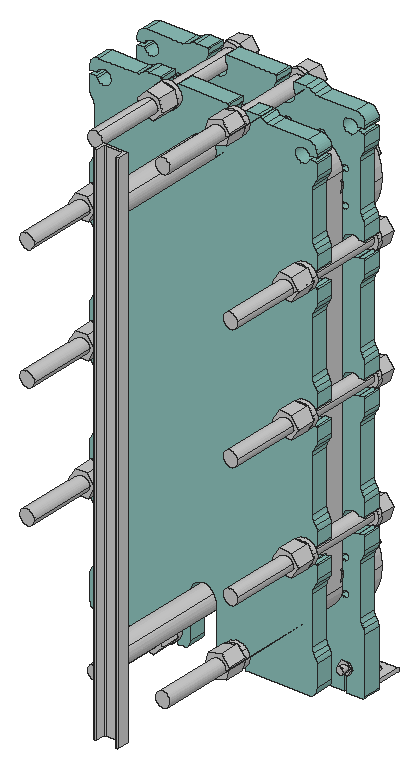
Revit family "MIT 522 - Heat Exchanger", category Specialty Equipment, Revit 2022
Family settings
  Round Connector Dimension = Use Diameter
  Part Type = Normal
  Work Plane-Based = No
  Always vertical = No
  Cut with Voids When Loaded = No
  Maintain Annotation Orientation = No
  Shared = No
  Room Calculation Point = No
Parameters (values of type "Flanged")
  URL = "https://en.ekinendustriyel.com/plate-heat-exchanger"
  Type Comments = ""
  Thickness_of_Plate = 0.50 mm  # constant formula
  Number_of_Plate [instance] = 20
  Model = if(Hygienic, if(Design Pressure < 11.0 bar, "H12340000F100L", if(Design Pressure < 16.0 bar, " H12340000F100M", " H12340000F100H")), if(Design Pressure < 10.0 bar, "E12340000F100L", if(Design Pressure < 16.0 bar, " E12340000F100M", " E12340000F100H")))  # " H12340000F100M"
  Material = Galvanized Steel- S235JR
  Manufacturer = "Ekin Endüstriyel"
  Lk [instance] = (Number_of_Plate) * ((Thickness_of_Plate) + 3.90 mm)  # 88.00 mm
  Lh [instance] = 1090.00 mm  # constant formula
  Lf [instance] = 1035.00 mm  # constant formula
  Lc [instance] = if(Number_of_Plate < 26, 350.00 mm, if(Number_of_Plate < 46, 500.00 mm, if(Number_of_Plate < 71, 750.00 mm, if(Number_of_Plate < 101, 1000.00 mm, if(Number_of_Plate < 131, 1250.00 mm, if(Number_of_Plate < 171, 1500.00 mm, if(Number_of_Plate < 211, 1750.00 mm, 2000.00 mm)))))))  # 350.00 mm
  La [instance] = 470.00 mm  # constant formula
  Keynote = ""
  Industrial = not(Hygienic)  # no
  Hygienic = yes
  Head & Follower Plate [instance] = if(Design Pressure < 11.0 bar, 25.00 mm, if(Design Pressure < 17.0 bar, 35.00 mm, 45.00 mm))  # 35.00 mm
  Follower Plate [instance] = -(Head & Follower Plate)  # -35.00 mm
  Design Pressure = 15 bar
  Description = if(Design Pressure < 11.0 bar, "MIT - Heat Exchanger - 10 bar", if(Design Pressure < 16.0 bar, " MIT - Heat Exchanger - 16 bar", " MIT - Heat Exchanger - 25 bar"))  # " MIT - Heat Exchanger - 16 bar"
  Default Elevation = 0.00 mm
Reference planes
  plane 1 "Center (Front/Back)": y = 0
  plane 2: z = 0
  plane 3 "Center (Left/Right)": x = 0
  plane 4: x = 1160
  plane 5: x = -1000
  plane 6 "2": y = -123
  plane 7 "1": y = -35
  plane 8 "3": y = -385
  plane 9 "Bolt End": y = 18.7
  plane 10: y = -350
  plane 11 "12": z = 933
Forms (mm)
  Extrusion 1, solid, material "Galvanized Steel", detail levels fine
    sketch origin (4.063, 0, 0) x (1, 0, 0) y (0, 0, 1)
      loop
        line (82.957, 1088) -> (82.957, 1078.933)
        arc (82.957, 1078.933) -> (83.045, 1078.344) -> (83.303, 1077.808) r 2
        arc (83.303, 1077.808) -> (65.937, 1045) -> (48.571, 1077.808) r 21
        arc (48.571, 1077.808) -> (48.829, 1078.344) -> (48.917, 1078.933) r 2
        line (48.917, 1078.933) -> (48.917, 1088)
        arc (48.917, 1088) -> (48.332, 1089.414) -> (46.917, 1090) r 2
        line (46.917, 1090) -> (-55.043, 1090)
        arc (-55.043, 1090) -> (-56.458, 1089.414) -> (-57.043, 1088) r 2
        line (-57.043, 1088) -> (-57.043, 1078.933)
        arc (-57.043, 1078.933) -> (-56.955, 1078.344) -> (-56.697, 1077.808) r 2
        arc (-56.697, 1077.808) -> (-74.063, 1045) -> (-91.429, 1077.808) r 21
        arc (-91.429, 1077.808) -> (-91.171, 1078.344) -> (-91.083, 1078.933) r 2
        line (-91.083, 1078.933) -> (-91.083, 1088)
        arc (-91.083, 1088) -> (-91.668, 1089.414) -> (-93.083, 1090) r 2
        line (-93.083, 1090) -> (-116.204, 1090)
        arc (-116.204, 1090) -> (-121.38, 1089.319) -> (-126.204, 1087.321) r 20
        line (-126.204, 1087.321) -> (-134.243, 1082.679)
        arc (-134.243, 1082.679) -> (-139.066, 1080.681) -> (-144.243, 1080) r 20
        line (-144.243, 1080) -> (-219.063, 1080)
        arc (-219.063, 1080) -> (-233.205, 1074.142) -> (-239.063, 1060) r 20
        line (-239.063, 1060) -> (-239.063, 1055)
        arc (-239.063, 1055) -> (-238.477, 1053.586) -> (-237.063, 1053) r 2
        line (-237.063, 1053) -> (-224.969, 1053)
        arc (-224.969, 1053) -> (-223.831, 1053.355) -> (-223.098, 1054.294) r 2
        arc (-223.098, 1054.294) -> (-194.063, 1049) -> (-223.098, 1043.706) r 15
        arc (-223.098, 1043.706) -> (-223.831, 1044.645) -> (-224.969, 1045) r 2
        line (-224.969, 1045) -> (-237.063, 1045)
        arc (-237.063, 1045) -> (-238.477, 1044.414) -> (-239.063, 1043) r 2
        line (-239.063, 1043) -> (-239.063, 1019.179)
        arc (-239.063, 1019.179) -> (-238.382, 1014.003) -> (-236.384, 1009.179) r 20
        line (-236.384, 1009.179) -> (-231.743, 1001.141)
        arc (-231.743, 1001.141) -> (-229.745, 996.317) -> (-229.063, 991.141) r 20
        line (-229.063, 991.141) -> (-229.063, 901.859)
        arc (-229.063, 901.859) -> (-229.745, 896.683) -> (-231.743, 891.859) r 20
        line (-231.743, 891.859) -> (-236.384, 883.821)
        arc (-236.384, 883.821) -> (-238.382, 878.997) -> (-239.063, 873.821) r 20
        line (-239.063, 873.821) -> (-239.063, 847.25)
        arc (-239.063, 847.25) -> (-238.477, 845.836) -> (-237.063, 845.25) r 2
        line (-237.063, 845.25) -> (-228.061, 845.25)
        arc (-228.061, 845.25) -> (-227.418, 845.356) -> (-226.844, 845.663) r 2
        arc (-226.844, 845.663) -> (-193.063, 829) -> (-226.844, 812.337) r 21
        arc (-226.844, 812.337) -> (-227.418, 812.644) -> (-228.061, 812.75) r 2
        line (-228.061, 812.75) -> (-237.063, 812.75)
        arc (-237.063, 812.75) -> (-238.477, 812.164) -> (-239.063, 810.75) r 2
        line (-239.063, 810.75) -> (-239.063, 784.179)
        arc (-239.063, 784.179) -> (-238.382, 779.003) -> (-236.384, 774.179) r 20
        line (-236.384, 774.179) -> (-231.743, 766.141)
        arc (-231.743, 766.141) -> (-229.745, 761.317) -> (-229.063, 756.141) r 20
        line (-229.063, 756.141) -> (-229.063, 646.859)
        arc (-229.063, 646.859) -> (-229.745, 641.683) -> (-231.743, 636.859) r 20
        line (-231.743, 636.859) -> (-236.384, 628.821)
        arc (-236.384, 628.821) -> (-238.382, 623.997) -> (-239.063, 618.821) r 20
        line (-239.063, 618.821) -> (-239.063, 592.25)
        arc (-239.063, 592.25) -> (-238.477, 590.836) -> (-237.063, 590.25) r 2
        line (-237.063, 590.25) -> (-228.061, 590.25)
        arc (-228.061, 590.25) -> (-227.418, 590.356) -> (-226.844, 590.663) r 2
        arc (-226.844, 590.663) -> (-193.063, 574) -> (-226.844, 557.337) r 21
        arc (-226.844, 557.337) -> (-227.418, 557.644) -> (-228.061, 557.75) r 2
        line (-228.061, 557.75) -> (-237.063, 557.75)
        arc (-237.063, 557.75) -> (-238.477, 557.164) -> (-239.063, 555.75) r 2
        line (-239.063, 555.75) -> (-239.063, 529.179)
        arc (-239.063, 529.179) -> (-238.382, 524.003) -> (-236.384, 519.179) r 20
        line (-236.384, 519.179) -> (-231.743, 511.141)
        arc (-231.743, 511.141) -> (-229.745, 506.317) -> (-229.063, 501.141) r 20
        line (-229.063, 501.141) -> (-229.063, 391.859)
        arc (-229.063, 391.859) -> (-229.745, 386.683) -> (-231.743, 381.859) r 20
        line (-231.743, 381.859) -> (-236.384, 373.821)
        arc (-236.384, 373.821) -> (-238.382, 368.997) -> (-239.063, 363.821) r 20
        line (-239.063, 363.821) -> (-239.063, 337.25)
        arc (-239.063, 337.25) -> (-238.477, 335.836) -> (-237.063, 335.25) r 2
        line (-237.063, 335.25) -> (-228.061, 335.25)
        arc (-228.061, 335.25) -> (-227.418, 335.356) -> (-226.844, 335.663) r 2
        arc (-226.844, 335.663) -> (-193.063, 319) -> (-226.844, 302.337) r 21
        arc (-226.844, 302.337) -> (-227.418, 302.644) -> (-228.061, 302.75) r 2
        line (-228.061, 302.75) -> (-237.063, 302.75)
        arc (-237.063, 302.75) -> (-238.477, 302.164) -> (-239.063, 300.75) r 2
        line (-239.063, 300.75) -> (-239.063, 274.179)
        arc (-239.063, 274.179) -> (-238.382, 269.003) -> (-236.384, 264.179) r 20
        line (-236.384, 264.179) -> (-231.743, 256.141)
        arc (-231.743, 256.141) -> (-229.745, 251.317) -> (-229.063, 246.141) r 20
        line (-229.063, 246.141) -> (-229.063, 146.859)
        arc (-229.063, 146.859) -> (-229.745, 141.683) -> (-231.743, 136.859) r 20
        line (-231.743, 136.859) -> (-236.384, 128.821)
        arc (-236.384, 128.821) -> (-238.382, 123.997) -> (-239.063, 118.821) r 20
        line (-239.063, 118.821) -> (-239.063, 5)
        arc (-239.063, 5) -> (-237.599, 1.464) -> (-234.063, 0) r 5
        line (-234.063, 0) -> (-202.063, 0) -> (-202.063, 34.417)
        arc (-202.063, 34.417) -> (-199.063, 56) -> (-196.063, 34.417) r 11
        line (-196.063, 34.417) -> (-196.063, 0) -> (-164.063, 0)
        arc (-164.063, 0) -> (-160.527, 1.464) -> (-159.063, 5) r 5
        line (-159.063, 5) -> (-159.063, 19.216)
        arc (-159.063, 19.216) -> (-157.541, 26.869) -> (-153.205, 33.358) r 20
        line (-153.205, 33.358) -> (-137.421, 49.142)
        arc (-137.421, 49.142) -> (-130.932, 53.478) -> (-123.279, 55) r 20
        line (-123.279, 55) -> (-92.313, 55)
        arc (-92.313, 55) -> (-90.899, 55.586) -> (-90.313, 57) r 2
        line (-90.313, 57) -> (-90.313, 66.002)
        arc (-90.313, 66.002) -> (-90.419, 66.645) -> (-90.726, 67.219) r 2
        arc (-90.726, 67.219) -> (-74.063, 101) -> (-57.4, 67.219) r 21
        arc (-57.4, 67.219) -> (-57.707, 66.645) -> (-57.813, 66.002) r 2
        line (-57.813, 66.002) -> (-57.813, 57)
        arc (-57.813, 57) -> (-57.227, 55.586) -> (-55.813, 55) r 2
        line (-55.813, 55) -> (47.687, 55)
        arc (47.687, 55) -> (49.101, 55.586) -> (49.687, 57) r 2
        line (49.687, 57) -> (49.687, 66.002)
        arc (49.687, 66.002) -> (49.581, 66.645) -> (49.274, 67.219) r 2
        arc (49.274, 67.219) -> (65.937, 101) -> (82.6, 67.219) r 21
        arc (82.6, 67.219) -> (82.293, 66.645) -> (82.187, 66.002) r 2
        line (82.187, 66.002) -> (82.187, 57)
        arc (82.187, 57) -> (82.773, 55.586) -> (84.187, 55) r 2
        line (84.187, 55) -> (115.153, 55)
        arc (115.153, 55) -> (122.806, 53.478) -> (129.295, 49.142) r 20
        line (129.295, 49.142) -> (145.079, 33.358)
        arc (145.079, 33.358) -> (149.415, 26.869) -> (150.937, 19.216) r 20
        line (150.937, 19.216) -> (150.937, 5)
        arc (150.937, 5) -> (152.401, 1.464) -> (155.937, 0) r 5
        line (155.937, 0) -> (187.937, 0) -> (187.937, 34.417)
        arc (187.937, 34.417) -> (190.937, 56) -> (193.937, 34.417) r 11
        line (193.937, 34.417) -> (193.937, 0) -> (225.937, 0)
        arc (225.937, 0) -> (229.473, 1.464) -> (230.937, 5) r 5
        line (230.937, 5) -> (230.937, 118.821)
        arc (230.937, 118.821) -> (230.255, 123.997) -> (228.257, 128.821) r 20
        line (228.257, 128.821) -> (223.616, 136.859)
        arc (223.616, 136.859) -> (221.618, 141.683) -> (220.937, 146.859) r 20
        line (220.937, 146.859) -> (220.937, 246.141)
        arc (220.937, 246.141) -> (221.618, 251.317) -> (223.616, 256.141) r 20
        line (223.616, 256.141) -> (228.257, 264.179)
        arc (228.257, 264.179) -> (230.255, 269.003) -> (230.937, 274.179) r 20
        line (230.937, 274.179) -> (230.937, 300.75)
        arc (230.937, 300.75) -> (230.351, 302.164) -> (228.937, 302.75) r 2
        line (228.937, 302.75) -> (219.935, 302.75)
        arc (219.935, 302.75) -> (219.292, 302.644) -> (218.718, 302.337) r 2
        arc (218.718, 302.337) -> (184.937, 319) -> (218.718, 335.663) r 21
        arc (218.718, 335.663) -> (219.292, 335.356) -> (219.935, 335.25) r 2
        line (219.935, 335.25) -> (228.937, 335.25)
        arc (228.937, 335.25) -> (230.351, 335.836) -> (230.937, 337.25) r 2
        line (230.937, 337.25) -> (230.937, 363.821)
        arc (230.937, 363.821) -> (230.255, 368.997) -> (228.257, 373.821) r 20
        line (228.257, 373.821) -> (223.616, 381.859)
        arc (223.616, 381.859) -> (221.618, 386.683) -> (220.937, 391.859) r 20
        line (220.937, 391.859) -> (220.937, 501.141)
        arc (220.937, 501.141) -> (221.618, 506.317) -> (223.616, 511.141) r 20
        line (223.616, 511.141) -> (228.257, 519.179)
        arc (228.257, 519.179) -> (230.255, 524.003) -> (230.937, 529.179) r 20
        line (230.937, 529.179) -> (230.937, 555.75)
        arc (230.937, 555.75) -> (230.351, 557.164) -> (228.937, 557.75) r 2
        line (228.937, 557.75) -> (219.935, 557.75)
        arc (219.935, 557.75) -> (219.292, 557.644) -> (218.718, 557.337) r 2
        arc (218.718, 557.337) -> (184.937, 574) -> (218.718, 590.663) r 21
        arc (218.718, 590.663) -> (219.292, 590.356) -> (219.935, 590.25) r 2
        line (219.935, 590.25) -> (228.937, 590.25)
        arc (228.937, 590.25) -> (230.351, 590.836) -> (230.937, 592.25) r 2
        line (230.937, 592.25) -> (230.937, 618.821)
        arc (230.937, 618.821) -> (230.255, 623.997) -> (228.257, 628.821) r 20
        line (228.257, 628.821) -> (223.616, 636.859)
        arc (223.616, 636.859) -> (221.618, 641.683) -> (220.937, 646.859) r 20
        line (220.937, 646.859) -> (220.937, 756.141)
        arc (220.937, 756.141) -> (221.618, 761.317) -> (223.616, 766.141) r 20
        line (223.616, 766.141) -> (228.257, 774.179)
        arc (228.257, 774.179) -> (230.255, 779.003) -> (230.937, 784.179) r 20
        line (230.937, 784.179) -> (230.937, 810.75)
        arc (230.937, 810.75) -> (230.351, 812.164) -> (228.937, 812.75) r 2
        line (228.937, 812.75) -> (219.935, 812.75)
        arc (219.935, 812.75) -> (219.292, 812.644) -> (218.718, 812.337) r 2
        arc (218.718, 812.337) -> (184.937, 829) -> (218.718, 845.663) r 21
        arc (218.718, 845.663) -> (219.292, 845.356) -> (219.935, 845.25) r 2
        line (219.935, 845.25) -> (228.937, 845.25)
        arc (228.937, 845.25) -> (230.351, 845.836) -> (230.937, 847.25) r 2
        line (230.937, 847.25) -> (230.937, 873.821)
        arc (230.937, 873.821) -> (230.255, 878.997) -> (228.257, 883.821) r 20
        line (228.257, 883.821) -> (223.616, 891.859)
        arc (223.616, 891.859) -> (221.618, 896.683) -> (220.937, 901.859) r 20
        line (220.937, 901.859) -> (220.937, 991.141)
        arc (220.937, 991.141) -> (221.618, 996.317) -> (223.616, 1001.141) r 20
        line (223.616, 1001.141) -> (228.257, 1009.179)
        arc (228.257, 1009.179) -> (230.255, 1014.003) -> (230.937, 1019.179) r 20
        line (230.937, 1019.179) -> (230.937, 1043)
        arc (230.937, 1043) -> (230.351, 1044.414) -> (228.937, 1045) r 2
        line (228.937, 1045) -> (216.843, 1045)
        arc (216.843, 1045) -> (215.705, 1044.645) -> (214.972, 1043.706) r 2
        arc (214.972, 1043.706) -> (185.937, 1049) -> (214.972, 1054.294) r 15
        arc (214.972, 1054.294) -> (215.705, 1053.355) -> (216.843, 1053) r 2
        line (216.843, 1053) -> (228.937, 1053)
        arc (228.937, 1053) -> (230.351, 1053.586) -> (230.937, 1055) r 2
        line (230.937, 1055) -> (230.937, 1060)
        arc (230.937, 1060) -> (225.079, 1074.142) -> (210.937, 1080) r 20
        line (210.937, 1080) -> (136.116, 1080)
        arc (136.116, 1080) -> (130.94, 1080.681) -> (126.116, 1082.679) r 20
        line (126.116, 1082.679) -> (118.078, 1087.321)
        arc (118.078, 1087.321) -> (113.254, 1089.319) -> (108.078, 1090) r 20
        line (108.078, 1090) -> (84.957, 1090)
        arc (84.957, 1090) -> (83.542, 1089.414) -> (82.957, 1088) r 2
      loop
        circle (142.128, 1016.149) r 7
      loop
        circle (190.836, 967.442) r 7
      loop
        circle (190.836, 898.558) r 7
      loop
        circle (142.128, 849.851) r 7
      loop
        circle (73.245, 1016.149) r 7
      loop
        circle (24.538, 967.442) r 7
      loop
        circle (24.538, 898.558) r 7
      loop
        circle (73.245, 849.851) r 7
      loop
        circle (142.128, 298.149) r 7
      loop
        circle (190.836, 249.442) r 7
      loop
        circle (190.836, 180.558) r 7
      loop
        circle (142.128, 131.851) r 7
      loop
        circle (73.245, 298.149) r 7
      loop
        circle (24.538, 249.442) r 7
      loop
        circle (24.538, 180.558) r 7
      loop
        circle (73.245, 131.851) r 7
      loop
        circle (-4.063, 156) r 6.25
      loop
        circle (-4.063, 992) r 6.25
      loop
        circle (-150.255, 1016.149) r 7
      loop
        circle (-198.962, 967.442) r 7
      loop
        circle (-198.962, 898.558) r 7
      loop
        circle (-150.255, 849.851) r 7
      loop
        circle (-81.372, 1016.149) r 7
      loop
        circle (-32.664, 967.442) r 7
      loop
        circle (-32.664, 898.558) r 7
      loop
        circle (-81.372, 849.851) r 7
      loop
        circle (-150.255, 298.149) r 7
      loop
        circle (-198.962, 249.442) r 7
      loop
        circle (-198.962, 180.558) r 7
      loop
        circle (-150.255, 131.851) r 7
      loop
        circle (-81.372, 298.149) r 7
      loop
        circle (-32.664, 249.442) r 7
      loop
        circle (-32.664, 180.558) r 7
      loop
        circle (-81.372, 131.851) r 7
      loop
        circle (107.687, 933) r 50
      loop
        circle (-115.813, 933) r 50
      loop
        circle (107.687, 215) r 50
      loop
        circle (-115.813, 215) r 50
    from 0 to 35
  Extrusion 2, solid, material "Galvanized Steel", detail levels fine
    sketch origin (4.063, -123, 0) x (-1, 0, 0) y (0, 0, 1)
      loop
        line (91.083, 1088) -> (91.083, 1078.933)
        arc (91.083, 1078.933) -> (91.171, 1078.344) -> (91.429, 1077.808) r 2
        arc (91.429, 1077.808) -> (74.063, 1045) -> (56.697, 1077.808) r 21
        arc (56.697, 1077.808) -> (56.955, 1078.344) -> (57.043, 1078.933) r 2
        line (57.043, 1078.933) -> (57.043, 1088)
        arc (57.043, 1088) -> (56.458, 1089.414) -> (55.043, 1090) r 2
        line (55.043, 1090) -> (-46.917, 1090)
        arc (-46.917, 1090) -> (-48.332, 1089.414) -> (-48.917, 1088) r 2
        line (-48.917, 1088) -> (-48.917, 1078.933)
        arc (-48.917, 1078.933) -> (-48.829, 1078.344) -> (-48.571, 1077.808) r 2
        arc (-48.571, 1077.808) -> (-65.937, 1045) -> (-83.303, 1077.808) r 21
        arc (-83.303, 1077.808) -> (-83.045, 1078.344) -> (-82.957, 1078.933) r 2
        line (-82.957, 1078.933) -> (-82.957, 1088)
        arc (-82.957, 1088) -> (-83.542, 1089.414) -> (-84.957, 1090) r 2
        line (-84.957, 1090) -> (-108.078, 1090)
        arc (-108.078, 1090) -> (-113.254, 1089.319) -> (-118.078, 1087.321) r 20
        line (-118.078, 1087.321) -> (-126.116, 1082.679)
        arc (-126.116, 1082.679) -> (-130.94, 1080.681) -> (-136.116, 1080) r 20
        line (-136.116, 1080) -> (-210.937, 1080)
        arc (-210.937, 1080) -> (-225.079, 1074.142) -> (-230.937, 1060) r 20
        line (-230.937, 1060) -> (-230.937, 1055)
        arc (-230.937, 1055) -> (-230.351, 1053.586) -> (-228.937, 1053) r 2
        line (-228.937, 1053) -> (-216.843, 1053)
        arc (-216.843, 1053) -> (-215.705, 1053.355) -> (-214.972, 1054.294) r 2
        arc (-214.972, 1054.294) -> (-185.937, 1049) -> (-214.972, 1043.706) r 15
        arc (-214.972, 1043.706) -> (-215.705, 1044.645) -> (-216.843, 1045) r 2
        line (-216.843, 1045) -> (-228.937, 1045)
        arc (-228.937, 1045) -> (-230.351, 1044.414) -> (-230.937, 1043) r 2
        line (-230.937, 1043) -> (-230.937, 1019.179)
        arc (-230.937, 1019.179) -> (-230.255, 1014.003) -> (-228.257, 1009.179) r 20
        line (-228.257, 1009.179) -> (-223.616, 1001.141)
        arc (-223.616, 1001.141) -> (-221.618, 996.317) -> (-220.937, 991.141) r 20
        line (-220.937, 991.141) -> (-220.937, 901.859)
        arc (-220.937, 901.859) -> (-221.618, 896.683) -> (-223.616, 891.859) r 20
        line (-223.616, 891.859) -> (-228.257, 883.821)
        arc (-228.257, 883.821) -> (-230.255, 878.997) -> (-230.937, 873.821) r 20
        line (-230.937, 873.821) -> (-230.937, 847.25)
        arc (-230.937, 847.25) -> (-230.351, 845.836) -> (-228.937, 845.25) r 2
        line (-228.937, 845.25) -> (-219.935, 845.25)
        arc (-219.935, 845.25) -> (-219.292, 845.356) -> (-218.718, 845.663) r 2
        arc (-218.718, 845.663) -> (-184.937, 829) -> (-218.718, 812.337) r 21
        arc (-218.718, 812.337) -> (-219.292, 812.644) -> (-219.935, 812.75) r 2
        line (-219.935, 812.75) -> (-228.937, 812.75)
        arc (-228.937, 812.75) -> (-230.351, 812.164) -> (-230.937, 810.75) r 2
        line (-230.937, 810.75) -> (-230.937, 784.179)
        arc (-230.937, 784.179) -> (-230.255, 779.003) -> (-228.257, 774.179) r 20
        line (-228.257, 774.179) -> (-223.616, 766.141)
        arc (-223.616, 766.141) -> (-221.618, 761.317) -> (-220.937, 756.141) r 20
        line (-220.937, 756.141) -> (-220.937, 646.859)
        arc (-220.937, 646.859) -> (-221.618, 641.683) -> (-223.616, 636.859) r 20
        line (-223.616, 636.859) -> (-228.257, 628.821)
        arc (-228.257, 628.821) -> (-230.255, 623.997) -> (-230.937, 618.821) r 20
        line (-230.937, 618.821) -> (-230.937, 592.25)
        arc (-230.937, 592.25) -> (-230.351, 590.836) -> (-228.937, 590.25) r 2
        line (-228.937, 590.25) -> (-219.935, 590.25)
        arc (-219.935, 590.25) -> (-219.292, 590.356) -> (-218.718, 590.663) r 2
        arc (-218.718, 590.663) -> (-184.937, 574) -> (-218.718, 557.337) r 21
        arc (-218.718, 557.337) -> (-219.292, 557.644) -> (-219.935, 557.75) r 2
        line (-219.935, 557.75) -> (-228.937, 557.75)
        arc (-228.937, 557.75) -> (-230.351, 557.164) -> (-230.937, 555.75) r 2
        line (-230.937, 555.75) -> (-230.937, 529.179)
        arc (-230.937, 529.179) -> (-230.255, 524.003) -> (-228.257, 519.179) r 20
        line (-228.257, 519.179) -> (-223.616, 511.141)
        arc (-223.616, 511.141) -> (-221.618, 506.317) -> (-220.937, 501.141) r 20
        line (-220.937, 501.141) -> (-220.937, 391.859)
        arc (-220.937, 391.859) -> (-221.618, 386.683) -> (-223.616, 381.859) r 20
        line (-223.616, 381.859) -> (-228.257, 373.821)
        arc (-228.257, 373.821) -> (-230.255, 368.997) -> (-230.937, 363.821) r 20
        line (-230.937, 363.821) -> (-230.937, 337.25)
        arc (-230.937, 337.25) -> (-230.351, 335.836) -> (-228.937, 335.25) r 2
        line (-228.937, 335.25) -> (-219.935, 335.25)
        arc (-219.935, 335.25) -> (-219.292, 335.356) -> (-218.718, 335.663) r 2
        arc (-218.718, 335.663) -> (-184.937, 319) -> (-218.718, 302.337) r 21
        arc (-218.718, 302.337) -> (-219.292, 302.644) -> (-219.935, 302.75) r 2
        line (-219.935, 302.75) -> (-228.937, 302.75)
        arc (-228.937, 302.75) -> (-230.351, 302.164) -> (-230.937, 300.75) r 2
        line (-230.937, 300.75) -> (-230.937, 274.179)
        arc (-230.937, 274.179) -> (-230.255, 269.003) -> (-228.257, 264.179) r 20
        line (-228.257, 264.179) -> (-223.616, 256.141)
        arc (-223.616, 256.141) -> (-221.618, 251.317) -> (-220.937, 246.141) r 20
        line (-220.937, 246.141) -> (-220.937, 146.859)
        arc (-220.937, 146.859) -> (-221.618, 141.683) -> (-223.616, 136.859) r 20
        line (-223.616, 136.859) -> (-228.257, 128.821)
        arc (-228.257, 128.821) -> (-230.255, 123.997) -> (-230.937, 118.821) r 20
        line (-230.937, 118.821) -> (-230.937, 75)
        arc (-230.937, 75) -> (-225.079, 60.858) -> (-210.937, 55) r 20
        line (-210.937, 55) -> (-84.187, 55)
        arc (-84.187, 55) -> (-82.773, 55.586) -> (-82.187, 57) r 2
        line (-82.187, 57) -> (-82.187, 66.002)
        arc (-82.187, 66.002) -> (-82.293, 66.645) -> (-82.6, 67.219) r 2
        arc (-82.6, 67.219) -> (-65.937, 101) -> (-49.274, 67.219) r 21
        arc (-49.274, 67.219) -> (-49.581, 66.645) -> (-49.687, 66.002) r 2
        line (-49.687, 66.002) -> (-49.687, 57)
        arc (-49.687, 57) -> (-49.101, 55.586) -> (-47.687, 55) r 2
        line (-47.687, 55) -> (-37.437, 55)
        arc (-37.437, 55) -> (-26.83, 59.393) -> (-22.437, 70) r 15
        line (-22.437, 70) -> (-22.437, 161)
        arc (-22.437, 161) -> (4.063, 187.5) -> (30.563, 161) r 26.5
        line (30.563, 161) -> (30.563, 70)
        arc (30.563, 70) -> (34.956, 59.393) -> (45.563, 55) r 15
        line (45.563, 55) -> (55.813, 55)
        arc (55.813, 55) -> (57.227, 55.586) -> (57.813, 57) r 2
        line (57.813, 57) -> (57.813, 66.002)
        arc (57.813, 66.002) -> (57.707, 66.645) -> (57.4, 67.219) r 2
        arc (57.4, 67.219) -> (74.063, 101) -> (90.726, 67.219) r 21
        arc (90.726, 67.219) -> (90.419, 66.645) -> (90.313, 66.002) r 2
        line (90.313, 66.002) -> (90.313, 57)
        arc (90.313, 57) -> (90.899, 55.586) -> (92.313, 55) r 2
        line (92.313, 55) -> (219.063, 55)
        arc (219.063, 55) -> (233.205, 60.858) -> (239.063, 75) r 20
        line (239.063, 75) -> (239.063, 118.821)
        arc (239.063, 118.821) -> (238.382, 123.997) -> (236.384, 128.821) r 20
        line (236.384, 128.821) -> (231.743, 136.859)
        arc (231.743, 136.859) -> (229.745, 141.683) -> (229.063, 146.859) r 20
        line (229.063, 146.859) -> (229.063, 246.141)
        arc (229.063, 246.141) -> (229.745, 251.317) -> (231.743, 256.141) r 20
        line (231.743, 256.141) -> (236.384, 264.179)
        arc (236.384, 264.179) -> (238.382, 269.003) -> (239.063, 274.179) r 20
        line (239.063, 274.179) -> (239.063, 300.75)
        arc (239.063, 300.75) -> (238.477, 302.164) -> (237.063, 302.75) r 2
        line (237.063, 302.75) -> (228.061, 302.75)
        arc (228.061, 302.75) -> (227.418, 302.644) -> (226.844, 302.337) r 2
        arc (226.844, 302.337) -> (193.063, 319) -> (226.844, 335.663) r 21
        arc (226.844, 335.663) -> (227.418, 335.356) -> (228.061, 335.25) r 2
        line (228.061, 335.25) -> (237.063, 335.25)
        arc (237.063, 335.25) -> (238.477, 335.836) -> (239.063, 337.25) r 2
        line (239.063, 337.25) -> (239.063, 363.821)
        arc (239.063, 363.821) -> (238.382, 368.997) -> (236.384, 373.821) r 20
        line (236.384, 373.821) -> (231.743, 381.859)
        arc (231.743, 381.859) -> (229.745, 386.683) -> (229.063, 391.859) r 20
        line (229.063, 391.859) -> (229.063, 501.141)
        arc (229.063, 501.141) -> (229.745, 506.317) -> (231.743, 511.141) r 20
        line (231.743, 511.141) -> (236.384, 519.179)
        arc (236.384, 519.179) -> (238.382, 524.003) -> (239.063, 529.179) r 20
        line (239.063, 529.179) -> (239.063, 555.75)
        arc (239.063, 555.75) -> (238.477, 557.164) -> (237.063, 557.75) r 2
        line (237.063, 557.75) -> (228.061, 557.75)
        arc (228.061, 557.75) -> (227.418, 557.644) -> (226.844, 557.337) r 2
        arc (226.844, 557.337) -> (193.063, 574) -> (226.844, 590.663) r 21
        arc (226.844, 590.663) -> (227.418, 590.356) -> (228.061, 590.25) r 2
        line (228.061, 590.25) -> (237.063, 590.25)
        arc (237.063, 590.25) -> (238.477, 590.836) -> (239.063, 592.25) r 2
        line (239.063, 592.25) -> (239.063, 618.821)
        arc (239.063, 618.821) -> (238.382, 623.997) -> (236.384, 628.821) r 20
        line (236.384, 628.821) -> (231.743, 636.859)
        arc (231.743, 636.859) -> (229.745, 641.683) -> (229.063, 646.859) r 20
        line (229.063, 646.859) -> (229.063, 756.141)
        arc (229.063, 756.141) -> (229.745, 761.317) -> (231.743, 766.141) r 20
        line (231.743, 766.141) -> (236.384, 774.179)
        arc (236.384, 774.179) -> (238.382, 779.003) -> (239.063, 784.179) r 20
        line (239.063, 784.179) -> (239.063, 810.75)
        arc (239.063, 810.75) -> (238.477, 812.164) -> (237.063, 812.75) r 2
        line (237.063, 812.75) -> (228.061, 812.75)
        arc (228.061, 812.75) -> (227.418, 812.644) -> (226.844, 812.337) r 2
        arc (226.844, 812.337) -> (193.063, 829) -> (226.844, 845.663) r 21
        arc (226.844, 845.663) -> (227.418, 845.356) -> (228.061, 845.25) r 2
        line (228.061, 845.25) -> (237.063, 845.25)
        arc (237.063, 845.25) -> (238.477, 845.836) -> (239.063, 847.25) r 2
        line (239.063, 847.25) -> (239.063, 873.821)
        arc (239.063, 873.821) -> (238.382, 878.997) -> (236.384, 883.821) r 20
        line (236.384, 883.821) -> (231.743, 891.859)
        arc (231.743, 891.859) -> (229.745, 896.683) -> (229.063, 901.859) r 20
        line (229.063, 901.859) -> (229.063, 991.141)
        arc (229.063, 991.141) -> (229.745, 996.317) -> (231.743, 1001.141) r 20
        line (231.743, 1001.141) -> (236.384, 1009.179)
        arc (236.384, 1009.179) -> (238.382, 1014.003) -> (239.063, 1019.179) r 20
        line (239.063, 1019.179) -> (239.063, 1043)
        arc (239.063, 1043) -> (238.477, 1044.414) -> (237.063, 1045) r 2
        line (237.063, 1045) -> (224.969, 1045)
        arc (224.969, 1045) -> (223.831, 1044.645) -> (223.098, 1043.706) r 2
        arc (223.098, 1043.706) -> (194.063, 1049) -> (223.098, 1054.294) r 15
        arc (223.098, 1054.294) -> (223.831, 1053.355) -> (224.969, 1053) r 2
        line (224.969, 1053) -> (237.063, 1053)
        arc (237.063, 1053) -> (238.477, 1053.586) -> (239.063, 1055) r 2
        line (239.063, 1055) -> (239.063, 1060)
        arc (239.063, 1060) -> (233.205, 1074.142) -> (219.063, 1080) r 20
        line (219.063, 1080) -> (144.243, 1080)
        arc (144.243, 1080) -> (139.066, 1080.681) -> (134.243, 1082.679) r 20
        line (134.243, 1082.679) -> (126.204, 1087.321)
        arc (126.204, 1087.321) -> (121.38, 1089.319) -> (116.204, 1090) r 20
        line (116.204, 1090) -> (93.083, 1090)
        arc (93.083, 1090) -> (91.668, 1089.414) -> (91.083, 1088) r 2
      loop
        circle (4.063, 992) r 25
    from 0 to -35 <- "Follower Plate"
  Extrusion 3, solid, material "AISI 316L/Titanium/Hastelloy", detail levels fine
    sketch origin (0, -35, 0) x (-1, 0, 0) y (0, 0, 1)
      loop
        line (-26.15, 1007.5) -> (-137.5, 1007.5)
        arc (-137.5, 1007.5) -> (-172.855, 992.855) -> (-187.5, 957.5) r 50
        line (-187.5, 957.5) -> (-187.5, 190.5)
        arc (-187.5, 190.5) -> (-172.855, 155.145) -> (-137.5, 140.5) r 50
        line (-137.5, 140.5) -> (-26.15, 140.5) -> (-24.15, 142.5) -> (-24.15, 146.5) -> (-25.15, 148.5) -> (-25.15, 158.35)
        arc (-25.15, 158.35) -> (-20.029, 173.561) -> (-6.75, 182.577) r 25.15
        line (-6.75, 182.577) -> (-6.75, 190.5) -> (6.75, 190.5) -> (6.75, 182.577)
        arc (6.75, 182.577) -> (20.029, 173.561) -> (25.15, 158.35) r 25.15
        line (25.15, 158.35) -> (25.15, 148.5) -> (24.15, 146.5) -> (24.15, 142.5) -> (26.15, 140.5) -> (137.5, 140.5)
        arc (137.5, 140.5) -> (172.855, 155.145) -> (187.5, 190.5) r 50
        line (187.5, 190.5) -> (187.5, 957.5)
        arc (187.5, 957.5) -> (172.855, 992.855) -> (137.5, 1007.5) r 50
        line (137.5, 1007.5) -> (26.15, 1007.5) -> (24.15, 1005.5) -> (24.15, 1001.5) -> (25.15, 999.5) -> (25.15, 989.65)
        arc (25.15, 989.65) -> (20.029, 974.439) -> (6.75, 965.423) r 25.15
        line (6.75, 965.423) -> (6.75, 957.5) -> (-6.75, 957.5) -> (-6.75, 965.423)
        arc (-6.75, 965.423) -> (-20.029, 974.439) -> (-25.15, 989.65) r 25.15
        line (-25.15, 989.65) -> (-25.15, 999.5) -> (-24.15, 1001.5) -> (-24.15, 1005.5) -> (-26.15, 1007.5)
    from 0 to -88
  Extrusion 4, solid, material "Galvanized Steel- S235JR"
    sketch origin (0, 0, 0) x (1, 0, 0) y (0, 0, 1)
      loop
        circle (0, 992) r 25
      loop
        circle (0, 156) r 25
    from 35 to 385
  Extrusion 5, solid, material "Galvanized Steel- S235JR"
    sketch origin (0, 0, 0) x (1, 0, 0) y (0, 0, 1)
      loop
        circle (70, 1066) r 15
      loop
        circle (210, 829) r 15
      loop
        circle (210, 574) r 15
      loop
        circle (210, 319) r 15
      loop
        circle (70, 80) r 15
      loop
        circle (-70, 1066) r 15
      loop
        circle (-210, 829) r 15
      loop
        circle (-210, 574) r 15
      loop
        circle (-210, 319) r 15
      loop
        circle (-70, 80) r 15
    from 0 to 350
  Extrusion 6, solid, material "Galvanized Steel- S235JR", detail levels fine
    sketch origin (0, 0, 0) x (1, 0, 0) y (0, 0, 1)
      loop
        line (201.928, 57) -> (188.072, 57) -> (181.144, 45) -> (188.072, 33) -> (201.928, 33) -> (208.856, 45) -> (201.928, 57)
      loop
        line (-201.928, 57) -> (-208.856, 45) -> (-201.928, 33) -> (-188.072, 33) -> (-181.144, 45) -> (-188.072, 57) -> (-201.928, 57)
    from -10 to -20
  Extrusion 7, solid, material "Galvanized Steel- S235JR", detail levels fine
    sketch origin (0, 0, 0) x (1, 0, 0) y (0, 0, 1)
      loop
        circle (195, 45) r 15
      loop
        circle (-195, 45) r 15
    from -10 to -7.5
  Extrusion 8, solid, material "Galvanized Steel- S235JR", detail levels fine
    sketch origin (0, 0, 0) x (1, 0, 0) y (0, 0, 1)
      loop
        circle (195.004, 45) r 7
      loop
        circle (-195.004, 45) r 7
    from 49.8 to -7.5
  Extrusion 9, solid, material "Galvanized Steel- S235JR", detail levels fine
    sketch origin (0, 0, 0) x (1, 0, 0) y (0, 0, 1)
      loop
        line (201.928, 57) -> (188.072, 57) -> (181.144, 45) -> (188.072, 33) -> (201.928, 33) -> (208.856, 45) -> (201.928, 57)
      loop
        line (-201.928, 57) -> (-208.856, 45) -> (-201.928, 33) -> (-188.072, 33) -> (-181.144, 45) -> (-188.072, 57) -> (-201.928, 57)
    from 37.6 to 25
  Extrusion 10, solid, material "Galvanized Steel- S235JR", detail levels fine
    sketch origin (0, 0, 0) x (1, 0, 0) y (0, 0, 1)
      loop
        circle (194.899, 180.558) r 15
      loop
        circle (146.192, 131.851) r 15
      loop
        circle (194.899, 249.442) r 15
      loop
        circle (146.192, 298.149) r 15
      loop
        circle (28.601, 180.558) r 15
      loop
        circle (77.308, 131.851) r 15
      loop
        circle (28.601, 249.442) r 15
      loop
        circle (77.308, 298.149) r 15
      loop
        circle (-194.899, 180.558) r 15
      loop
        circle (-146.192, 131.851) r 15
      loop
        circle (-194.899, 249.442) r 15
      loop
        circle (-146.192, 298.149) r 15
      loop
        circle (-28.601, 180.558) r 15
      loop
        circle (-77.308, 131.851) r 15
      loop
        circle (-28.601, 249.442) r 15
      loop
        circle (-77.308, 298.149) r 15
      loop
        circle (194.899, 898.558) r 15
      loop
        circle (146.192, 849.851) r 15
      loop
        circle (194.899, 967.442) r 15
      loop
        circle (146.192, 1016.149) r 15
      loop
        circle (28.601, 898.558) r 15
      loop
        circle (77.308, 849.851) r 15
      loop
        circle (28.601, 967.442) r 15
      loop
        circle (77.308, 1016.149) r 15
      loop
        circle (-194.899, 898.558) r 15
      loop
        circle (-146.192, 849.851) r 15
      loop
        circle (-194.899, 967.442) r 15
      loop
        circle (-146.192, 1016.149) r 15
      loop
        circle (-28.601, 898.558) r 15
      loop
        circle (-77.308, 849.851) r 15
      loop
        circle (-28.601, 967.442) r 15
      loop
        circle (-77.308, 1016.149) r 15
    from -25.5 to -28.5
  Extrusion 11, solid, material "Galvanized Steel- S235JR", detail levels fine
    sketch origin (0, 0, 0) x (1, 0, 0) y (0, 0, 1)
      loop
        line (185.566, 191.569) -> (180.697, 177.981) -> (190.03, 166.971) -> (204.232, 169.548) -> (209.101, 183.136) -> (199.768, 194.146) -> (185.566, 191.569)
      loop
        line (147.378, 146.236) -> (134.327, 140.07) -> (133.141, 125.685) -> (145.005, 117.466) -> (158.056, 123.631) -> (159.242, 138.016) -> (147.378, 146.236)
      loop
        line (188.734, 262.492) -> (180.514, 250.628) -> (186.68, 237.577) -> (201.065, 236.391) -> (209.284, 248.255) -> (203.119, 261.306) -> (188.734, 262.492)
      loop
        line (143.614, 312.351) -> (132.604, 303.018) -> (135.181, 288.816) -> (148.769, 283.947) -> (159.779, 293.28) -> (157.202, 307.482) -> (143.614, 312.351)
      loop
        line (37.934, 191.569) -> (23.732, 194.146) -> (14.399, 183.136) -> (19.268, 169.548) -> (33.47, 166.971) -> (42.803, 177.981) -> (37.934, 191.569)
      loop
        line (76.122, 146.236) -> (64.258, 138.016) -> (65.444, 123.631) -> (78.495, 117.466) -> (90.359, 125.685) -> (89.173, 140.07) -> (76.122, 146.236)
      loop
        line (34.766, 262.492) -> (20.381, 261.306) -> (14.216, 248.255) -> (22.435, 236.391) -> (36.82, 237.577) -> (42.986, 250.628) -> (34.766, 262.492)
      loop
        line (79.886, 312.351) -> (66.298, 307.482) -> (63.721, 293.28) -> (74.731, 283.947) -> (88.319, 288.816) -> (90.896, 303.018) -> (79.886, 312.351)
      loop
        line (-185.566, 191.569) -> (-199.768, 194.146) -> (-209.101, 183.136) -> (-204.232, 169.548) -> (-190.03, 166.971) -> (-180.697, 177.981) -> (-185.566, 191.569)
      loop
        line (-147.378, 146.236) -> (-159.242, 138.016) -> (-158.056, 123.631) -> (-145.005, 117.466) -> (-133.141, 125.685) -> (-134.327, 140.07) -> (-147.378, 146.236)
      loop
        line (-188.734, 262.492) -> (-203.119, 261.306) -> (-209.284, 248.255) -> (-201.065, 236.391) -> (-186.68, 237.577) -> (-180.514, 250.628) -> (-188.734, 262.492)
      loop
        line (-143.614, 312.351) -> (-157.202, 307.482) -> (-159.779, 293.28) -> (-148.769, 283.947) -> (-135.181, 288.816) -> (-132.604, 303.018) -> (-143.614, 312.351)
      loop
        line (-37.934, 191.569) -> (-42.803, 177.981) -> (-33.47, 166.971) -> (-19.268, 169.548) -> (-14.399, 183.136) -> (-23.732, 194.146) -> (-37.934, 191.569)
      loop
        line (-76.122, 146.236) -> (-89.173, 140.07) -> (-90.359, 125.685) -> (-78.495, 117.466) -> (-65.444, 123.631) -> (-64.258, 138.016) -> (-76.122, 146.236)
      loop
        line (-34.766, 262.492) -> (-42.986, 250.628) -> (-36.82, 237.577) -> (-22.435, 236.391) -> (-14.216, 248.255) -> (-20.381, 261.306) -> (-34.766, 262.492)
      loop
        line (-79.886, 312.351) -> (-90.896, 303.018) -> (-88.319, 288.816) -> (-74.731, 283.947) -> (-63.721, 293.28) -> (-66.298, 307.482) -> (-79.886, 312.351)
      loop
        line (185.566, 909.569) -> (180.697, 895.981) -> (190.03, 884.971) -> (204.232, 887.548) -> (209.101, 901.136) -> (199.768, 912.146) -> (185.566, 909.569)
      loop
        line (147.378, 864.236) -> (134.327, 858.07) -> (133.141, 843.685) -> (145.005, 835.466) -> (158.056, 841.631) -> (159.242, 856.016) -> (147.378, 864.236)
      loop
        line (188.734, 980.492) -> (180.514, 968.628) -> (186.68, 955.577) -> (201.065, 954.391) -> (209.284, 966.255) -> (203.119, 979.306) -> (188.734, 980.492)
      loop
        line (143.614, 1030.351) -> (132.604, 1021.018) -> (135.181, 1006.816) -> (148.769, 1001.947) -> (159.779, 1011.28) -> (157.202, 1025.482) -> (143.614, 1030.351)
      loop
        line (37.934, 909.569) -> (23.732, 912.146) -> (14.399, 901.136) -> (19.268, 887.548) -> (33.47, 884.971) -> (42.803, 895.981) -> (37.934, 909.569)
      loop
        line (76.122, 864.236) -> (64.258, 856.016) -> (65.444, 841.631) -> (78.495, 835.466) -> (90.359, 843.685) -> (89.173, 858.07) -> (76.122, 864.236)
      loop
        line (34.766, 980.492) -> (20.381, 979.306) -> (14.216, 966.255) -> (22.435, 954.391) -> (36.82, 955.577) -> (42.986, 968.628) -> (34.766, 980.492)
      loop
        line (79.886, 1030.351) -> (66.298, 1025.482) -> (63.721, 1011.28) -> (74.731, 1001.947) -> (88.319, 1006.816) -> (90.896, 1021.018) -> (79.886, 1030.351)
      loop
        line (-185.566, 909.569) -> (-199.768, 912.146) -> (-209.101, 901.136) -> (-204.232, 887.548) -> (-190.03, 884.971) -> (-180.697, 895.981) -> (-185.566, 909.569)
      loop
        line (-147.378, 864.236) -> (-159.242, 856.016) -> (-158.056, 841.631) -> (-145.005, 835.466) -> (-133.141, 843.685) -> (-134.327, 858.07) -> (-147.378, 864.236)
      loop
        line (-188.734, 980.492) -> (-203.119, 979.306) -> (-209.284, 966.255) -> (-201.065, 954.391) -> (-186.68, 955.577) -> (-180.514, 968.628) -> (-188.734, 980.492)
      loop
        line (-143.614, 1030.351) -> (-157.202, 1025.482) -> (-159.779, 1011.28) -> (-148.769, 1001.947) -> (-135.181, 1006.816) -> (-132.604, 1021.018) -> (-143.614, 1030.351)
      loop
        line (-37.934, 909.569) -> (-42.803, 895.981) -> (-33.47, 884.971) -> (-19.268, 887.548) -> (-14.399, 901.136) -> (-23.732, 912.146) -> (-37.934, 909.569)
      loop
        line (-76.122, 864.236) -> (-89.173, 858.07) -> (-90.359, 843.685) -> (-78.495, 835.466) -> (-65.444, 841.631) -> (-64.258, 856.016) -> (-76.122, 864.236)
      loop
        line (-34.766, 980.492) -> (-42.986, 968.628) -> (-36.82, 955.577) -> (-22.435, 954.391) -> (-14.216, 966.255) -> (-20.381, 979.306) -> (-34.766, 980.492)
      loop
        line (-79.886, 1030.351) -> (-90.896, 1021.018) -> (-88.319, 1006.816) -> (-74.731, 1001.947) -> (-63.721, 1011.28) -> (-66.298, 1025.482) -> (-79.886, 1030.351)
    from -38.5 to -28.5
  Extrusion 12, solid, material "Galvanized Steel- S235JR", detail levels fine
    sketch origin (0, 0, 0) x (1, 0, 0) y (0, 0, 1)
      loop
        circle (0, 156.015) r 9
      loop
        circle (0, 991.984) r 9
    from -2.5 to -14.559
  Extrusion 13, solid, material "Galvanized Steel- S235JR", detail levels medium+fine
    sketch origin (0, 0, 0) x (1, 0, 0) y (0, 1, 0)
      loop
        line (-25, -385) -> (-25, -408)
        arc (-25, -408) -> (-24.414, -409.414) -> (-23, -410) r 2
        line (-23, -410) -> (-22.026, -410)
        arc (-22.026, -410) -> (-21.054, -409.643) -> (-20.545, -408.741) r 1.5
        line (-20.545, -408.741) -> (-17.772, -391.676)
        arc (-17.772, -391.676) -> (-16.666, -390.453) -> (-15.08, -390) r 3
        line (-15.08, -390) -> (15.08, -390)
        arc (15.08, -390) -> (16.666, -390.453) -> (17.772, -391.676) r 3
        line (17.772, -391.676) -> (20.545, -408.741)
        arc (20.545, -408.741) -> (21.054, -409.643) -> (22.026, -410) r 1.5
        line (22.026, -410) -> (23, -410)
        arc (23, -410) -> (24.414, -409.414) -> (25, -408) r 2
        line (25, -408) -> (25, -385) -> (-25, -385)
    from 0 to 1090
  Extrusion 14, solid, material "Galvanized Steel- S235JR"
    sketch origin (212.5, 0, 5) x (0, 0, 1) y (0, -1, 0)
      loop
        line (7.5, -7.5) -> (62, -7.5)
        arc (62, -7.5) -> (64.121, -6.621) -> (65, -4.5) r 3
        line (65, -4.5) -> (65, 0) -> (-4, 0)
        arc (-4, 0) -> (-4.707, -0.293) -> (-5, -1) r 1
        line (-5, -1) -> (-5, -68)
        arc (-5, -68) -> (-4.414, -69.414) -> (-3, -70) r 2
        line (-3, -70) -> (0.5, -70)
        arc (0.5, -70) -> (1.914, -69.414) -> (2.5, -68) r 2
        line (2.5, -68) -> (2.5, -12.5)
        arc (2.5, -12.5) -> (3.964, -8.964) -> (7.5, -7.5) r 5
    from 7.5 to -432.5
  Extrusion 15, void
    sketch origin (202.5, 12.5, 7.5) x (0, -1, 0) y (1, 0, 0)
      loop
        line (12.5, -32.5) -> (-57.5, -32.5) -> (-57.5, -372.5) -> (12.5, -372.5) -> (12.5, -32.5)
      loop
        circle (-32.5, -397.5) r 9
      loop
        circle (-32.5, -7.5) r 9
    from -7.5 to 62.5
  Extrusion 16, solid, material "Galvanized Steel- S235JR", detail levels medium+fine
    sketch origin (0, 0, 0) x (1, 0, 0) y (0, 0, 1)
      loop
        circle (70, 1066) r 25
      loop
        circle (210, 829) r 25
      loop
        circle (210, 574) r 25
      loop
        circle (210, 319) r 25
      loop
        circle (70, 80) r 25
      loop
        circle (-70, 1066) r 25
      loop
        circle (-210, 829) r 25
      loop
        circle (-210, 574) r 25
      loop
        circle (-210, 319) r 25
      loop
        circle (-70, 80) r 25
    from 0 to -7.5
  Extrusion 17, solid, material "Galvanized Steel- S235JR", detail levels fine
    sketch origin (4.063, -158, 0) x (1, 0, 0) y (0, 0, 1)
      loop
        line (-55.647, 1085.135) -> (-81.427, 1091.517) -> (-99.843, 1072.381) -> (-92.479, 1046.865) -> (-66.699, 1040.483) -> (-48.283, 1059.619) -> (-55.647, 1085.135)
      loop
        line (-227.721, 851.777) -> (-240.617, 828.56) -> (-226.959, 805.783) -> (-200.405, 806.223) -> (-187.509, 829.44) -> (-201.167, 852.217) -> (-227.721, 851.777)
      loop
        line (-227.721, 596.777) -> (-240.617, 573.56) -> (-226.959, 550.783) -> (-200.405, 551.223) -> (-187.509, 574.44) -> (-201.167, 597.217) -> (-227.721, 596.777)
      loop
        line (-200.405, 296.223) -> (-187.509, 319.44) -> (-201.167, 342.217) -> (-227.721, 341.777) -> (-240.617, 318.56) -> (-226.959, 295.783) -> (-200.405, 296.223)
      loop
        line (-81.427, 105.517) -> (-99.843, 86.381) -> (-92.479, 60.865) -> (-66.699, 54.483) -> (-48.283, 73.619) -> (-55.647, 99.135) -> (-81.427, 105.517)
      loop
        line (47.521, 1085.135) -> (40.157, 1059.619) -> (58.573, 1040.483) -> (84.353, 1046.865) -> (91.717, 1072.381) -> (73.301, 1091.517) -> (47.521, 1085.135)
      loop
        line (219.595, 851.777) -> (193.041, 852.217) -> (179.383, 829.44) -> (192.279, 806.223) -> (218.833, 805.783) -> (232.491, 828.56) -> (219.595, 851.777)
      loop
        line (219.595, 596.777) -> (193.041, 597.217) -> (179.383, 574.44) -> (192.279, 551.223) -> (218.833, 550.783) -> (232.491, 573.56) -> (219.595, 596.777)
      loop
        line (192.279, 296.223) -> (218.833, 295.783) -> (232.491, 318.56) -> (219.595, 341.777) -> (193.041, 342.217) -> (179.383, 319.44) -> (192.279, 296.223)
      loop
        line (73.301, 105.517) -> (47.521, 99.135) -> (40.157, 73.619) -> (58.573, 54.483) -> (84.353, 60.865) -> (91.717, 86.381) -> (73.301, 105.517)
    from 10.7 to 50.8
  Extrusion 18, solid, material "Galvanized Steel- S235JR", detail levels fine
    sketch origin (4.063, -158, 0) x (1, 0, 0) y (0, 0, 1)
      loop
        circle (-74.063, 1066) r 25
      loop
        circle (-214.063, 829) r 25
      loop
        circle (-214.063, 574) r 25
      loop
        circle (-214.063, 319) r 25
      loop
        circle (-74.063, 80) r 25
      loop
        circle (65.937, 1066) r 25
      loop
        circle (205.937, 829) r 25
      loop
        circle (205.937, 574) r 25
      loop
        circle (205.937, 319) r 25
      loop
        circle (65.937, 80) r 25
    from 10.7 to 0
  Extrusion 19, solid, material "Galvanized Steel- S235JR", detail levels medium+fine
    sketch origin (0, 0, 0) x (1, 0, 0) y (0, 0, 1)
      loop
        line (84.783, 1087.715) -> (58.585, 1089.66) -> (43.803, 1067.944) -> (55.217, 1044.285) -> (81.415, 1042.34) -> (96.197, 1064.056) -> (84.783, 1087.715)
      loop
        line (218.963, 853.693) -> (193.097, 849.109) -> (184.134, 824.416) -> (201.037, 804.307) -> (226.903, 808.891) -> (235.866, 833.584) -> (218.963, 853.693)
      loop
        line (184.134, 569.416) -> (201.037, 549.307) -> (226.903, 553.891) -> (235.866, 578.584) -> (218.963, 598.693) -> (193.097, 594.109) -> (184.134, 569.416)
      loop
        line (235.866, 323.584) -> (218.963, 343.693) -> (193.097, 339.109) -> (184.134, 314.416) -> (201.037, 294.307) -> (226.903, 298.891) -> (235.866, 323.584)
      loop
        line (58.585, 103.66) -> (43.803, 81.944) -> (55.217, 58.285) -> (81.415, 56.34) -> (96.197, 78.056) -> (84.783, 101.715) -> (58.585, 103.66)
      loop
        line (-84.783, 1087.715) -> (-96.197, 1064.056) -> (-81.415, 1042.34) -> (-55.217, 1044.285) -> (-43.803, 1067.944) -> (-58.585, 1089.66) -> (-84.783, 1087.715)
      loop
        line (-218.963, 853.693) -> (-235.866, 833.584) -> (-226.903, 808.891) -> (-201.037, 804.307) -> (-184.134, 824.416) -> (-193.097, 849.109) -> (-218.963, 853.693)
      loop
        line (-184.134, 569.416) -> (-193.097, 594.109) -> (-218.963, 598.693) -> (-235.866, 578.584) -> (-226.903, 553.891) -> (-201.037, 549.307) -> (-184.134, 569.416)
      loop
        line (-235.866, 323.584) -> (-226.903, 298.891) -> (-201.037, 294.307) -> (-184.134, 314.416) -> (-193.097, 339.109) -> (-218.963, 343.693) -> (-235.866, 323.584)
      loop
        line (-58.585, 103.66) -> (-84.783, 101.715) -> (-96.197, 78.056) -> (-81.415, 56.34) -> (-55.217, 58.285) -> (-43.803, 81.944) -> (-58.585, 103.66)
    from -8 to -38.6
  Extrusion 20, solid, material "AISI 316L/Titanium/Hastelloy", detail levels coarse
    sketch origin (0, 0, 1090) x (1, 0, 0) y (0, 1, 0)
      loop
        line (25, -385) -> (-25, -385) -> (-25, -410) -> (25, -410) -> (25, -385)
    from 0 to -1090
  Extrusion 21, solid, material "Galvanized Steel- S235JR", detail levels fine
    sketch origin (0, 0, 0) x (1, 0, 0) y (0, 0, 1)
      loop
        circle (111.75, 933) r 77
      loop
        circle (28.601, 967.442) r 7
      loop
        circle (28.601, 898.558) r 7
      loop
        circle (77.308, 1016.149) r 7
      loop
        circle (77.308, 849.851) r 7
      loop
        circle (111.75, 215) r 77
      loop
        circle (28.601, 249.442) r 7
      loop
        circle (28.601, 180.558) r 7
      loop
        circle (77.308, 298.149) r 7
      loop
        circle (77.308, 131.851) r 7
      loop
        circle (111.75, 215) r 110
      loop
        circle (111.75, 933) r 110
      loop
        circle (194.899, 967.442) r 7
      loop
        circle (194.899, 898.558) r 7
      loop
        circle (146.192, 1016.149) r 7
      loop
        circle (146.192, 849.851) r 7
      loop
        circle (194.899, 249.442) r 7
      loop
        circle (194.899, 180.558) r 7
      loop
        circle (146.192, 298.149) r 7
      loop
        circle (146.192, 131.851) r 7
      loop
        circle (-111.75, 933) r 77
      loop
        circle (-28.601, 967.442) r 7
      loop
        circle (-28.601, 898.558) r 7
      loop
        circle (-77.308, 1016.149) r 7
      loop
        circle (-77.308, 849.851) r 7
      loop
        circle (-111.75, 215) r 77
      loop
        circle (-28.601, 249.442) r 7
      loop
        circle (-28.601, 180.558) r 7
      loop
        circle (-77.308, 298.149) r 7
      loop
        circle (-77.308, 131.851) r 7
      loop
        circle (-111.75, 215) r 110
      loop
        circle (-111.75, 933) r 110
      loop
        circle (-194.899, 967.442) r 7
      loop
        circle (-194.899, 898.558) r 7
      loop
        circle (-146.192, 1016.149) r 7
      loop
        circle (-146.192, 849.851) r 7
      loop
        circle (-194.899, 249.442) r 7
      loop
        circle (-194.899, 180.558) r 7
      loop
        circle (-146.192, 298.149) r 7
      loop
        circle (-146.192, 131.851) r 7
    from 0 to -25.5
  Extrusion 22, solid, material "Galvanized Steel- S235JR", detail levels fine
    sketch origin (0, 0, 0) x (1, 0, 0) y (0, 0, 1)
      loop
        circle (0, 992) r 12
      loop
        circle (0, 156) r 12
    from 0 to -2.5
  Extrusion 23, solid, material "Galvanized Steel", detail levels medium
    sketch origin (4.063, 0, 0) x (1, 0, 0) y (0, 0, 1)
      loop
        line (113.437, 1090) -> (-121.563, 1090) -> (-138.884, 1080) -> (-219.063, 1080)
        arc (-219.063, 1080) -> (-233.205, 1074.142) -> (-239.063, 1060) r 20
        line (-239.063, 1060) -> (-239.063, 5)
        arc (-239.063, 5) -> (-237.599, 1.464) -> (-234.063, 0) r 5
        line (-234.063, 0) -> (-164.063, 0)
        arc (-164.063, 0) -> (-160.527, 1.464) -> (-159.063, 5) r 5
        line (-159.063, 5) -> (-159.063, 27.5) -> (-131.563, 55) -> (123.437, 55) -> (150.937, 27.5) -> (150.937, 5)
        arc (150.937, 5) -> (152.401, 1.464) -> (155.937, 0) r 5
        line (155.937, 0) -> (225.937, 0)
        arc (225.937, 0) -> (229.473, 1.464) -> (230.937, 5) r 5
        line (230.937, 5) -> (230.937, 1060)
        arc (230.937, 1060) -> (225.079, 1074.142) -> (210.937, 1080) r 20
        line (210.937, 1080) -> (130.757, 1080) -> (113.437, 1090)
      loop
        circle (-4.063, 156) r 6.25
      loop
        circle (-4.063, 992) r 6.25
      loop
        circle (200.937, 1049) r 15
      loop
        circle (205.937, 829) r 21
      loop
        circle (205.937, 574) r 21
      loop
        circle (205.937, 319) r 21
      loop
        circle (190.937, 45) r 11
      loop
        circle (65.937, 80) r 21
      loop
        circle (65.937, 1066) r 21
      loop
        circle (-209.063, 1049) r 15
      loop
        circle (-214.063, 829) r 21
      loop
        circle (-214.063, 574) r 21
      loop
        circle (-214.063, 319) r 21
      loop
        circle (-199.063, 45) r 11
      loop
        circle (-74.063, 80) r 21
      loop
        circle (-74.063, 1066) r 21
      loop
        circle (107.687, 933) r 50
      loop
        circle (-115.813, 933) r 50
      loop
        circle (-115.813, 215) r 50
      loop
        circle (107.687, 215) r 50
    from 0 to 35
  Extrusion 24, solid, material "Galvanized Steel", detail levels medium
    sketch origin (4.063, -123, 0) x (-1, 0, 0) y (0, 0, 1)
      loop
        line (30.563, 161) -> (30.563, 70)
        arc (30.563, 70) -> (34.956, 59.393) -> (45.563, 55) r 15
        line (45.563, 55) -> (234.063, 55)
        arc (234.063, 55) -> (237.599, 56.464) -> (239.063, 60) r 5
        line (239.063, 60) -> (239.063, 1060)
        arc (239.063, 1060) -> (233.205, 1074.142) -> (219.063, 1080) r 20
        line (219.063, 1080) -> (138.884, 1080) -> (121.563, 1090) -> (-113.437, 1090) -> (-130.757, 1080) -> (-210.937, 1080)
        arc (-210.937, 1080) -> (-225.079, 1074.142) -> (-230.937, 1060) r 20
        line (-230.937, 1060) -> (-230.937, 60)
        arc (-230.937, 60) -> (-229.473, 56.464) -> (-225.937, 55) r 5
        line (-225.937, 55) -> (-37.437, 55)
        arc (-37.437, 55) -> (-26.83, 59.393) -> (-22.437, 70) r 15
        line (-22.437, 70) -> (-22.437, 161)
        arc (-22.437, 161) -> (4.063, 187.5) -> (30.563, 161) r 26.5
      loop
        circle (4.063, 992) r 25
      loop
        circle (-200.937, 1049) r 15
      loop
        circle (-205.937, 829) r 21
      loop
        circle (-205.937, 574) r 21
      loop
        circle (-205.937, 319) r 21
      loop
        circle (-65.937, 80) r 21
      loop
        circle (-65.937, 1066) r 21
      loop
        circle (209.063, 1049) r 15
      loop
        circle (214.063, 829) r 21
      loop
        circle (214.063, 574) r 21
      loop
        circle (214.063, 319) r 21
      loop
        circle (74.063, 80) r 21
      loop
        circle (74.063, 1066) r 21
    from 0 to -35 <- "Follower Plate"
  Extrusion 25, solid, material "AISI 316L/Titanium/Hastelloy", detail levels medium
    sketch origin (0, -35, 0) x (-1, 0, 0) y (0, 0, 1)
      loop
        line (-26.15, 1007.5) -> (-137.5, 1007.5) -> (-187.5, 957.5) -> (-187.5, 190.5) -> (-137.5, 140.5) -> (-26.15, 140.5) -> (-24.15, 142.5) -> (-24.15, 146.5) -> (-25.15, 148.5) -> (-25.15, 158.35)
        arc (-25.15, 158.35) -> (-20.029, 173.561) -> (-6.75, 182.577) r 25.15
        line (-6.75, 182.577) -> (-6.75, 190.5) -> (6.75, 190.5) -> (6.75, 182.577)
        arc (6.75, 182.577) -> (20.029, 173.561) -> (25.15, 158.35) r 25.15
        line (25.15, 158.35) -> (25.15, 148.5) -> (24.15, 146.5) -> (24.15, 142.5) -> (26.15, 140.5) -> (137.5, 140.5) -> (187.5, 190.5) -> (187.5, 957.5) -> (137.5, 1007.5) -> (26.15, 1007.5) -> (24.15, 1005.5) -> (24.15, 1001.5) -> (25.15, 999.5) -> (25.15, 989.65)
        arc (25.15, 989.65) -> (20.029, 974.439) -> (6.75, 965.423) r 25.15
        line (6.75, 965.423) -> (6.75, 957.5) -> (-6.75, 957.5) -> (-6.75, 965.423)
        arc (-6.75, 965.423) -> (-20.029, 974.439) -> (-25.15, 989.65) r 25.15
        line (-25.15, 989.65) -> (-25.15, 999.5) -> (-24.15, 1001.5) -> (-24.15, 1005.5) -> (-26.15, 1007.5)
    from 0 to -88
  Extrusion 26, solid, material "Galvanized Steel- S235JR", detail levels medium
    sketch origin (0, 0, 0) x (1, 0, 0) y (0, 0, 1)
      loop
        circle (-111.75, 933) r 110
      loop
        circle (-111.75, 215) r 110
      loop
        circle (111.75, 215) r 110
      loop
        circle (111.75, 933) r 110
      loop
        circle (111.75, 933) r 77
      loop
        circle (-111.75, 933) r 77
      loop
        circle (-111.75, 215) r 77
      loop
        circle (111.75, 215) r 77
    from 0 to -25.5
  Extrusion 27, solid, material "Galvanized Steel", detail levels coarse
    sketch origin (4.063, 0, 0) x (1, 0, 0) y (0, 0, 1)
      loop
        line (230.937, 1090) -> (-239.063, 1090) -> (-239.063, 5)
        arc (-239.063, 5) -> (-237.599, 1.464) -> (-234.063, 0) r 5
        line (-234.063, 0) -> (-164.063, 0)
        arc (-164.063, 0) -> (-160.527, 1.464) -> (-159.063, 5) r 5
        line (-159.063, 5) -> (-159.063, 55) -> (150.937, 55) -> (150.937, 5)
        arc (150.937, 5) -> (152.401, 1.464) -> (155.937, 0) r 5
        line (155.937, 0) -> (225.937, 0)
        arc (225.937, 0) -> (229.473, 1.464) -> (230.937, 5) r 5
        line (230.937, 5) -> (230.937, 1090)
      loop
        circle (-4.063, 156) r 6.25
      loop
        circle (-4.063, 992) r 6.25
      loop
        circle (200.937, 1049) r 15
      loop
        circle (205.937, 829) r 21
      loop
        circle (205.937, 574) r 21
      loop
        circle (205.937, 319) r 21
      loop
        circle (190.937, 45) r 11
      loop
        circle (65.937, 80) r 21
      loop
        circle (65.937, 1066) r 21
      loop
        circle (-209.063, 1049) r 15
      loop
        circle (-214.063, 829) r 21
      loop
        circle (-214.063, 574) r 21
      loop
        circle (-214.063, 319) r 21
      loop
        circle (-199.063, 45) r 11
      loop
        circle (-74.063, 80) r 21
      loop
        circle (-74.063, 1066) r 21
    from 0 to 35
  Extrusion 28, solid, material "Galvanized Steel", detail levels coarse
    sketch origin (4.063, -123, 0) x (-1, 0, 0) y (0, 0, 1)
      loop
        line (-230.937, 55) -> (239.063, 55) -> (239.063, 1090) -> (-230.937, 1090) -> (-230.937, 55)
      loop
        circle (4.063, 992) r 25
      loop
        circle (-200.937, 1049) r 15
      loop
        circle (-205.937, 829) r 21
      loop
        circle (-205.937, 574) r 21
      loop
        circle (-205.937, 319) r 21
      loop
        circle (-65.937, 80) r 21
      loop
        circle (-65.937, 1066) r 21
      loop
        circle (209.063, 1049) r 15
      loop
        circle (214.063, 829) r 21
      loop
        circle (214.063, 574) r 21
      loop
        circle (214.063, 319) r 21
      loop
        circle (74.063, 80) r 21
      loop
        circle (74.063, 1066) r 21
      loop
        circle (4.063, 158.35) r 25.15
    from 0 to -35 <- "Follower Plate"
  Extrusion 29, solid, material "AISI 316L/Titanium/Hastelloy", detail levels coarse
    sketch origin (0, -35, 0) x (-1, 0, 0) y (0, 0, 1)
      loop
        line (-26.15, 1007.5) -> (-187.5, 1007.5) -> (-187.5, 140.5) -> (-26.15, 140.5) -> (-24.15, 142.5) -> (-24.15, 146.5) -> (-25.15, 148.5) -> (-25.15, 158.35)
        arc (-25.15, 158.35) -> (-20.029, 173.561) -> (-6.75, 182.577) r 25.15
        line (-6.75, 182.577) -> (-6.75, 190.5) -> (6.75, 190.5) -> (6.75, 182.577)
        arc (6.75, 182.577) -> (20.029, 173.561) -> (25.15, 158.35) r 25.15
